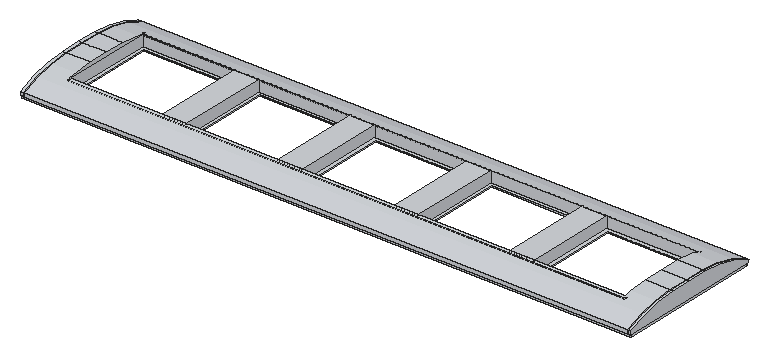
Revit family "Gira_021550", category Electrical Fixtures, host Face, Revit 2017
Family settings
  Host = Face
  Maintain Annotation Orientation = No
  Round Connector Dimension = Use Diameter
  Part Type = Normal
  Cut with Voids When Loaded = No
  Shared = No
  Room Calculation Point = No
Parameters (values of type "Cov.fr. 5-g interm.fr. CAl Gira Event Opaque white")
  With mounting grid = "No"
  With hinged lid = "No"
  URL = "http://katalog.gira.de/en/datenblatt.html?artikelnr=021550"
  Type of fastening = "Clamp mounting"
  Transparent = "No"
  Surface protection = "Other"
  Suitable for wall duct = "No"
  Suitable for flush-mounted installation = "Yes"
  Suitable for floor box = "No"
  Suitable for built-in installation = "No"
  Number of units vertical = "5"
  Number of units horizontal = "5"
  Number of units = "5"
  Name = "Cov.fr. 5-g interm.fr. CAl Gira Event Opaque white"
  Mounting direction = "Horizontal and vertical"
  Material quality = "Thermoplastic"
  Material = "Plastic"
  Manufacturer URL = "https://www.gira.de/"
  Manufacturer = "Gira"
  Label space/information surface = "No"
  Keynote = ""
  HeinzeBIM = "https://bimportal.heinze.de/bim/cov-fr-5-g-interm-fr-cal-gira-event-opaque-white/d054031b4e3d632260e38feb97094a7c57757261"
  Halogen free = "Yes"
  HAN = "021550"
  GTIN = "4010337215509"
  Description = "Cov.fr.5g i.fr.CAl EvOp WH,Gira Event Opaque frames,white with colour aluminium intermediate frame,5-gang,Features:,- Shatter-proof."
  Degree of protection (IP) = "IP20"
  Default Elevation = 1219.2 mm
  Data sheet (1) = "https://katalog.gira.de/en/download.html?artikelnr=021550"
  Colour = "White"
  Category = "Cover frame for domestic switching devices"
  BIM (1) = "https://media.stage.bim.site/public/gira/36a6b08/Event_Rahmen_5fach.rfa"
  Available = "No"
Reference planes
  plane 1 "Center (Front/Back)": y = 0
  plane 2: z = 0
  plane 3 "Center (Left/Right)": x = 0
Forms (mm)
  Extrusion 1, solid, detail levels fine
    sketch origin (0, 0, 0.05) x (0, 1, 0) y (0, 0, 1)
      loop
        arc (12.445, 9.683) -> (6.223, 9.833) -> (0, 9.85) r 291.636
        arc (0, 9.85) -> (-6.223, 9.833) -> (-12.445, 9.683) r 291.636
        arc (-12.445, 9.683) -> (-29.14, 7.482) -> (-45, 1.823) r 79.728
        line (-45, 1.823) -> (-45, -0.05) -> (-42.086, -0.05)
        arc (-42.086, -0.05) -> (-21.385, 5.559) -> (0, 7.206) r 114.424
        arc (0, 7.206) -> (21.385, 5.559) -> (42.086, -0.05) r 114.424
        line (42.086, -0.05) -> (45, -0.05) -> (45, 1.823)
        arc (45, 1.823) -> (29.14, 7.482) -> (12.445, 9.683) r 79.728
    from -185.578 to 185.593
  Extrusion 2, void, detail levels fine
    sketch origin (0, 0, 0) x (1, 0, 0) y (0, 1, 0)
      loop
        line (170.607, 28) -> (-170.593, 28) -> (-170.593, -28) -> (170.607, -28) -> (170.607, 28)
    from 0.724 to 11
  Extrusion 3, solid, detail levels coarse
    sketch origin (0, 0, 0) x (1, 0, 0) y (0, 1, 0)
      loop
        line (-187.578, 45) -> (-187.578, -45) -> (187.593, -45) -> (187.593, 45) -> (-187.578, 45)
    from -1.5 to 9.9
  Extrusion 4, solid, detail levels medium
    sketch origin (0, 0, 0.05) x (0, 1, 0) y (0, 0, 1)
      loop
        arc (12.445, 9.683) -> (6.223, 9.833) -> (0, 9.85) r 291.636
        arc (0, 9.85) -> (-6.223, 9.833) -> (-12.445, 9.683) r 291.636
        arc (-12.445, 9.683) -> (-29.14, 7.482) -> (-45, 1.823) r 79.728
        line (-45, 1.823) -> (-45, -0.05) -> (45, -0.05) -> (45, 1.823)
        arc (45, 1.823) -> (29.14, 7.482) -> (12.445, 9.683) r 79.728
    from -187.578 to 187.593
  Extrusion 5, solid, detail levels fine
    sketch origin (-142.578, 0, -1.5) x (0, 1, 0) y (0, 0, -1)
      loop
        line (45, -3.373) -> (45, -1.5) -> (-45, -1.5) -> (-45, -3.373)
        arc (-45, -3.373) -> (-29.14, -9.032) -> (-12.445, -11.233) r 79.728
        arc (-12.445, -11.233) -> (-6.223, -11.383) -> (0, -11.4) r 291.636
        arc (0, -11.4) -> (6.223, -11.383) -> (12.445, -11.233) r 291.636
        arc (12.445, -11.233) -> (29.14, -9.032) -> (45, -3.373) r 79.728
    from 43 to 45
  Extrusion 6, solid, detail levels fine
    sketch origin (0, 0, 0) x (1, 0, 0) y (0, 1, 0)
      loop
        line (-168.493, 25.7) -> (-168.493, -25.7) -> (-116.693, -25.7) -> (-116.693, 25.7) -> (-168.493, 25.7)
      loop
        line (-45.398, -25.7) -> (-45.398, 25.7) -> (-97.198, 25.7) -> (-97.198, -25.7) -> (-45.398, -25.7)
      loop
        line (-171.487, 28.49) -> (-171.487, -28.495)
        spline (-171.487, -28.495) -> (-171.479, -28.625) -> (-171.453, -28.754) -> (-171.411, -28.878) -> (-171.353, -28.995) -> (-171.281, -29.104) -> (-171.194, -29.202) -> (-171.096, -29.288) -> (-170.987, -29.361) -> (-170.87, -29.419) -> (-170.746, -29.461) -> (-170.618, -29.486) -> (-170.487, -29.495)
        line (-170.487, -29.495) -> (170.502, -29.495)
        spline (170.502, -29.495) -> (170.633, -29.486) -> (170.761, -29.461) -> (170.885, -29.419) -> (171.002, -29.361) -> (171.111, -29.288) -> (171.209, -29.202) -> (171.296, -29.104) -> (171.368, -28.995) -> (171.426, -28.878) -> (171.468, -28.754) -> (171.494, -28.625) -> (171.502, -28.495)
        line (171.502, -28.495) -> (171.502, 28.49)
        spline (171.502, 28.49) -> (171.494, 28.62) -> (171.468, 28.748) -> (171.426, 28.872) -> (171.368, 28.99) -> (171.296, 29.098) -> (171.209, 29.197) -> (171.111, 29.283) -> (171.002, 29.356) -> (170.885, 29.413) -> (170.761, 29.456) -> (170.633, 29.481) -> (170.502, 29.49)
        line (170.502, 29.49) -> (-170.487, 29.49)
        spline (-170.487, 29.49) -> (-170.618, 29.481) -> (-170.746, 29.456) -> (-170.87, 29.413) -> (-170.987, 29.356) -> (-171.096, 29.283) -> (-171.194, 29.197) -> (-171.281, 29.098) -> (-171.353, 28.99) -> (-171.411, 28.872) -> (-171.453, 28.748) -> (-171.479, 28.62) -> (-171.487, 28.49)
      loop
        line (25.902, -25.7) -> (25.902, 25.7) -> (-25.898, 25.7) -> (-25.898, -25.7) -> (25.902, -25.7)
      loop
        line (97.207, -25.7) -> (97.207, 25.7) -> (45.407, 25.7) -> (45.407, -25.7) -> (97.207, -25.7)
      loop
        line (168.507, -25.7) -> (168.507, 25.7) -> (116.707, 25.7) -> (116.707, -25.7) -> (168.507, -25.7)
    from 0.1 to 7.3
  Extrusion 7, solid
    sketch origin (0, 0, 0) x (1, 0, 0) y (0, 1, 0)
      loop
        arc (-187.293, -44.218) -> (-187.146, -44.572) -> (-186.793, -44.718) r 0.5
        line (-186.793, -44.718) -> (186.807, -44.718)
        arc (186.807, -44.718) -> (187.161, -44.572) -> (187.307, -44.218) r 0.5
        line (187.307, -44.218) -> (187.307, 44.182)
        arc (187.307, 44.182) -> (187.161, 44.535) -> (186.807, 44.682) r 0.5
        line (186.807, 44.682) -> (-186.793, 44.682)
        arc (-186.793, 44.682) -> (-187.146, 44.535) -> (-187.293, 44.182) r 0.5
        line (-187.293, 44.182) -> (-187.293, -44.218)
      loop
        line (-185.593, 42.982) -> (-185.593, -43.018) -> (185.607, -43.018) -> (185.607, 42.982) -> (-185.593, 42.982)
    from -1.5 to 0.5
  Extrusion 8, solid, detail levels fine
    sketch origin (142.593, 0, -1.5) x (0, 1, 0) y (0, 0, 1)
      loop
        arc (45, 3.373) -> (29.14, 9.032) -> (12.445, 11.233) r 79.728
        arc (12.445, 11.233) -> (6.223, 11.383) -> (0, 11.4) r 291.636
        arc (0, 11.4) -> (-6.223, 11.383) -> (-12.445, 11.233) r 291.636
        arc (-12.445, 11.233) -> (-29.14, 9.032) -> (-45, 3.373) r 79.728
        line (-45, 3.373) -> (-45, 1.5) -> (45, 1.5) -> (45, 3.373)
    from 43 to 45
  Extrusion 9, solid, detail levels medium
    sketch origin (0, 0, 0) x (1, 0, 0) y (0, 1, 0)
      loop
        line (-187.293, -44.718) -> (187.307, -44.718) -> (187.307, 44.682) -> (-187.293, 44.682) -> (-187.293, -44.718)
    from -1.5 to 0.5
  Extrusion 10, solid, detail levels fine
    sketch origin (-105.5, 0, 0) x (1, 0, 0) y (0, 1, 0)
      loop
        line (-8.943, 28.063) -> (-8.943, -27.937) -> (6.057, -27.937) -> (6.057, 28.063) -> (-8.943, 28.063)
    from 0.724 to 7.566
  Extrusion 11, solid, detail levels fine
    sketch origin (-37.085, 0, 0) x (-1, 0, 0) y (0, -1, 0)
      loop
        line (-8.943, -28.063) -> (6.057, -28.063) -> (6.057, 27.937) -> (-8.943, 27.937) -> (-8.943, -28.063)
    from 0.724 to 7.566
  Extrusion 12, solid, detail levels fine
    sketch origin (105.5, 0, 0) x (-1, 0, 0) y (0, -1, 0)
      loop
        line (-8.943, -28.063) -> (6.057, -28.063) -> (6.057, 27.937) -> (-8.943, 27.937) -> (-8.943, -28.063)
    from 0.724 to 7.566
  Extrusion 13, solid, detail levels fine
    sketch origin (37.085, 0, 0) x (1, 0, 0) y (0, 1, 0)
      loop
        line (-8.943, 28.063) -> (-8.943, -27.937) -> (6.057, -27.937) -> (6.057, 28.063) -> (-8.943, 28.063)
    from 0.724 to 7.566
Cuts and joins
  Extrusion 2 cuts Extrusion 1
  Extrusion 2 cuts Extrusion 6
Dimensions and locks
  aligned and locked: plane 2 to host face
  aligned and locked: level to host face
